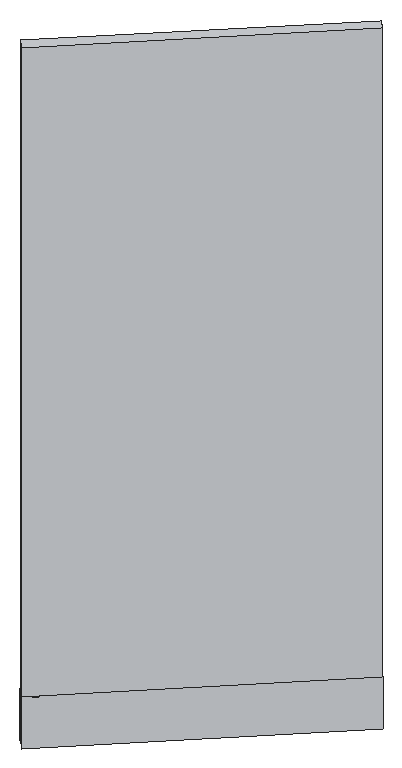
Revit family "BG_DORc_Leaf-Type1", category Doors, Revit 2020
Family settings
  Work Plane-Based = Yes
  Always vertical = Yes
  Cut with Voids When Loaded = No
  Shared = No
  Room Calculation Point = No
Parameters
  Width [instance] = 920 mm
  Undercut [instance] = 0 mm
  Rough Width = 0 mm  # constant formula
  Rough Height = 0 mm  # constant formula
  Protection height int [instance] = 150 mm
  Protection height ext [instance] = 150 mm
  Protection finish int [instance] = none
  Protection finish ext [instance] = none
  Open angle [instance] = 135.00°
  Internal finish [instance] = none
  Hinge thickness = Hinge gap / 2  # 1.5 mm
  Leaf thickness = 40 mm
  Hinge gap = 3 mm
  Height [instance] = 2040 mm
  Core finish = none
  External finish [instance] = none
  Default Elevation = 1219.2 mm
Reference planes
  plane 1 "Front": y = 0
  plane 2 "Center (Elevation)": z = 0
  plane 3 "Center (Left/Right)": x = 0
  plane 4 "Right": x = 1.5
  plane 5: y = -40
  plane 6: z = 2040
Forms (mm)
  Extrusion 1, solid, material <- "Core finish"
    sketch origin (0, 0, 0) x (0, 1, 0) y (-1, 0, 0)
      loop
        line (29.345, 27.224) -> (1.061, -1.061) -> (651.599, -651.599) -> (679.883, -623.315) -> (29.345, 27.224)
    from 0 <- "Undercut" to 2040 <- "Height"
Lines and regions (mm)
  reference lines
    curve 1: line (0, 0, 0) -> (1.5, 0, 0)
    curve 2: line (0, 0, 0) -> (-28.284, 28.284, 0)
    curve 3: line (0, 0, 0) -> (651.599, 651.599, 0)
    curve 4: line (1.061, 1.061, 0) -> (-27.224, 29.345, 0)
    curve 5: line (-28.284, 28.284, 0) -> (623.315, 679.883, 0)
    curve 7: line (651.599, 651.599, 0) -> (623.315, 679.883, 0)
  model lines, style "InvisibleLines"
    curve 6: line (1.5, -40, 0) -> (1.5, 0, 0)
Dimensions and locks
  "Leaf thickness": plane 1 "Front" to plane 5
  "Height": plane 6 to level
  "Hinge thickness": curve 4 to curve 2
  "Hinge thickness": plane 3 "Center (Left/Right)" to plane 4 "Right"
  "Leaf thickness": curve 3 to curve 5
  "Width": curve 7 to curve 4
  "Open angle": angle curve 2 to plane 3 "Center (Left/Right)"
  locked: curve 2 to curve 5 (angle 90.00°)
  locked: curve 3 to curve 2 (angle 90.00°)
  locked: curve 4 to curve 5 (angle 90.00°)
  locked: curve 5 to curve 7 (angle 90.00°)
  aligned and locked: level to plane 2 "Center (Elevation)"
  aligned and locked: plane 3 "Center (Left/Right)" to curve 1
  aligned and locked: plane 1 "Front" to curve 1
  aligned and locked: plane 4 "Right" to curve 1
  aligned and locked: plane 1 "Front" to curve 6
  aligned and locked: plane 5 to curve 6
  aligned and locked: curve 6 to plane 4 "Right"
  aligned and locked: Extrusion 1 sketch curve to curve 5
  aligned and locked: Extrusion 1 sketch curve to curve 3
  aligned and locked: curve 7 to Extrusion 1 sketch curve
  aligned and locked: curve 4 to Extrusion 1 sketch curve
  aligned and locked: nested 2 to curve 7
  aligned and locked: nested 1 to curve 4
Nested families
  nested 1: "BG_DORc_Protection-Type1" at (1.061, 1.061, 0) x (0.7071, 0.7071, 0) z (0.7071, -0.7071, 0), Undercut <- "Undercut", Width <- "Width", Height <- "Protection height ext", Protection finish <- "Protection finish ext", type "Typical", detail levels fine
    with Width 920 mm, Undercut 0 mm, Protection on yes, Protection finish none, Height override 150 mm, Height 150 mm
  nested 2: "BG_DORc_Protection-Type1" at (623.315, 679.883, 0) x (-0.7071, -0.7071, 0) z (-0.7071, 0.7071, 0), Undercut <- "Undercut", Width <- "Width", Height <- "Protection height int", Protection finish <- "Protection finish int", type "Typical", detail levels fine
    with Width 920 mm, Undercut 0 mm, Protection on yes, Protection finish none, Height override 150 mm, Height 150 mm
Definition of nested family "BG_DORc_Protection-Type1"
  Parameters (values of type "Typical")
    Width [instance] = 920 mm
    Undercut [instance] = 25 mm
    Thickness = 2 mm
    Protection on [instance] = Height - Undercut > 2 mm  # yes
    Protection finish [instance] = none
    Height override [instance] = if(Height - Undercut > 2 mm, Height, 2 mm)  # 150 mm
    Height [instance] = 150 mm
    Default Elevation = 1219.2 mm
  Reference planes
    plane 1 "Center (Front/Back)": y = 0
    plane 2: z = 0
    plane 3 "Center (Left/Right)": x = 0
    plane 4: x = 920
    plane 5: y = 150
    plane 6: y = 25
  Forms (mm)
    Extrusion 1, solid
      sketch origin (0, 0, 0) x (1, 0, 0) y (0, 1, 0)
        loop
          line (-1219.2, 1219.2) -> (-1219.2, -1219.2) -> (1219.2, -1219.2) -> (1219.2, 1219.2) -> (-1219.2, 1219.2)
      from 0 to -304.8
    Extrusion 2, solid, material <- "Protection finish", visible <- "Protection on"
      sketch origin (0, 0, 0) x (1, 0, 0) y (0, 1, 0)
        loop
          line (0, 150) -> (0, 25) -> (920, 25) -> (920, 150) -> (0, 150)
      from 0 to 2 <- "Thickness"
  Dimensions and locks
    "Height override": plane 1 "Center (Front/Back)" to plane 5
    "Width": plane 3 "Center (Left/Right)" to plane 4
    "Undercut": plane 1 "Center (Front/Back)" to plane 6
    aligned and locked: plane 2 to Extrusion 1
    aligned and locked: level to Extrusion 1
    aligned and locked: Extrusion 2 sketch curve to plane 3 "Center (Left/Right)"
    aligned and locked: Extrusion 2 sketch curve to plane 5
    aligned and locked: Extrusion 2 sketch curve to plane 4
    aligned and locked: Extrusion 2 sketch curve to plane 6
  Automatic sketch dimensions
    Extrusion 1 sketch curve to Extrusion 1 sketch curve = 2438.4 mm  (x2)
